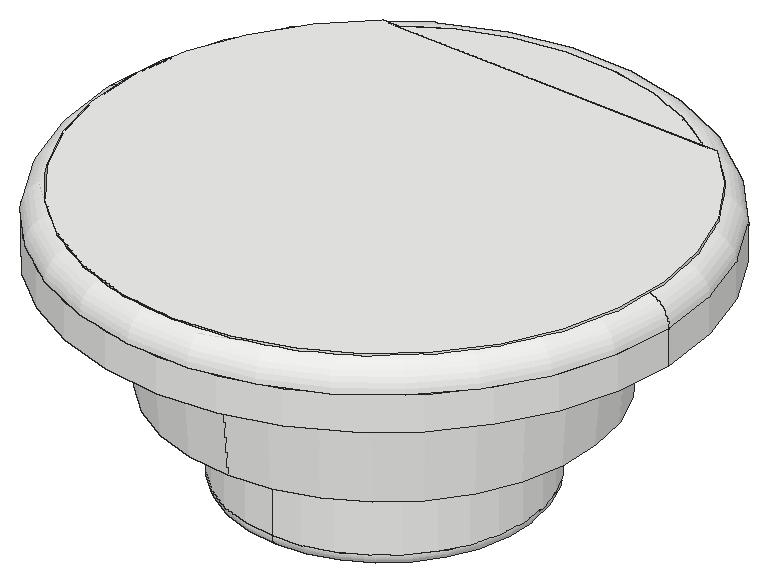
Revit family "Electronics_Commercial-Loudspeakers_Two-Way-Marine-Speaker_CMAR5-W", category Communication Devices, host Face, Revit 2020
Family settings
  Host = Face
  Maintain Annotation Orientation = No
  Round Connector Dimension = Use Diameter
  Part Type = Normal
  OmniClass Number = 23.85.10.11.14.14.14
  OmniClass Title = Loudspeakers
  Cut with Voids When Loaded = No
  Shared = No
  Room Calculation Point = No
Parameters (values of type "CMAR5-W")
  Grill Material = Biamp - Plastic - White(Grid)
  Frequency response in Hz = "85 - 20K"  # constant formula
  Woofer size in inch = "5.25"  # constant formula
  Vertical dispersion angle 1000 Hz = "180°"  # constant formula
  Tweeter size in inch = "1 - up"  # constant formula
  SPL 1W/1m in dB = "88"  # constant formula
  Max SPL 1m in dB = "100"  # constant formula
  Woofer cone material = "Polypropylene"  # constant formula
  Weight = 1.32277 lbf  # constant formula
  URL = "https://www.biamp.com/"
  Product data url = "https://bimobject.com/biamp/product/cmar5-w_commercial-loudspeakers-ceiling"
  Product Page URL = "https://www.biamp.com/products/product-families/commercial-loudspeakers/ceiling-loudspeakers#cmar5-w"
  Product Documentation Link = "https://downloads.biamp.com/assets/docs/default-source/data-sheets/biamp_data_sheet_cmar5-w_aug20.pdf"
  Mounting system = "4 screws"  # constant formula
  Model = "CMAR5-W"  # constant formula
  Manufacturer = "Biamp"  # constant formula
  Main construction material = "ABS plastic"  # constant formula
  Low impedance dynamic power in watts = "50"  # constant formula
  Low impedance RMS power in watts = "25"  # constant formula
  Loudspeaker system = "2-way"  # constant formula
  Installation grip range in mm = "1 - up"  # constant formula
  Impedance in ohms = "8"  # constant formula
  IP rating = "65"  # constant formula
  Housing Material = Biamp - Plastic - White
  Grille main material = "Stainless steel"  # constant formula
  Diameter = 0' - 5.98425"  # constant formula
  Description = "CMAR5-W 5 Two-Way Built-in Marine Speaker 8 ohms/50W"  # constant formula
  Depth = 0' - 2.16535"  # constant formula
  Default Elevation = 4' - 0"
  Cutout in mm = "113"  # constant formula
  Connector Description = "Terminal strip; Low impedance 8 ohms/50W"  # constant formula
  Colour = "White"  # constant formula
  Closest RAL colour (subject to deviations) = "RAL9003"  # constant formula
  Applicable low impedance = "Yes"  # constant formula
Reference planes (in)
  plane 1 "Center (Front/Back)": y = 0
  plane 2: z = 0
  plane 3 "Center (Left/Right)": x = 0
Forms (in)
  Extrusion 1, solid, material "Biamp - Plastic - White" <- "Housing Material", detail levels coarse
    sketch origin (0, 0, 0) x (1, 0, 0) y (0, 1, 0)
      loop
        circle (0, 0) r 2.16535
    from -2.12598 to 0
  Extrusion 2, void
    sketch origin (0, 0, 0) x (1, 0, 0) y (0, 1, 0)
      loop
        circle (0, 0) r 2.16535
    from -2.12598 to 0
  Revolve 3, solid, material "Biamp - Plastic - White" <- "Housing Material", detail levels coarse
    sketch origin (0, 0, 0) x (1, 0, 0) y (0, 0, 1)
      loop
        line (0, 0) -> (0, 0.62992) -> (-2.71054, 0.62992)
        arc (-2.71054, 0.62992) -> (-2.90965, 0.54745) -> (-2.99213, 0.34834) r 0.28159
        line (-2.99213, 0.34834) -> (-2.99213, 0) -> (0, 0)
      axis (0, 0) -> (0, 0.62992)
    angle from 0 to 360
  Revolve 4, solid, material "Biamp - Plastic - White" <- "Housing Material", detail levels medium+fine
    sketch origin (0, 0, 0) x (1, 0, 0) y (0, 0, 1)
      loop
        line (0, 0) -> (0, 0.62992) -> (-2.71054, 0.62992)
        arc (-2.71054, 0.62992) -> (-2.90965, 0.54745) -> (-2.99213, 0.34834) r 0.28159
        line (-2.99213, 0.34834) -> (-2.99213, 0) -> (0, 0)
      axis (0, 0) -> (0, 0.62992)
    angle from 0 to 360
  Extrusion 5, void
    sketch origin (0, 0, 0) x (1, 0, 0) y (0, 1, 0)
      loop
        arc (-1.75492, 2.17573) -> (0, -2.79528) -> (1.75492, 2.17573) r 2.79528
        line (1.75492, 2.17573) -> (-1.75492, 2.17573)
    from 0.56493 to 0.62992
  Extrusion 6, solid, material "Biamp - Plastic - White(Grid)" <- "Grill Material", detail levels medium+fine
    sketch origin (0, 0, 0) x (1, 0, 0) y (0, 1, 0)
      loop
        line (1.75492, 2.17573) -> (-1.75492, 2.17573)
        arc (-1.75492, 2.17573) -> (0, -2.79528) -> (1.75492, 2.17573) r 2.79528
    from 0.56493 to 0.62992
  Revolve 7, solid, material "Biamp - Plastic - White" <- "Housing Material", detail levels medium+fine
    sketch origin (0, 0, 0) x (0, 1, 0) y (0, 0, 1)
      loop
        line (0, 0) -> (-2.16535, 0) -> (-2.06241, -1.17661) -> (-1.47186, -1.17661) -> (-1.47186, -2.0117)
        arc (-1.47186, -2.0117) -> (-1.43839, -2.09251) -> (-1.35758, -2.12598) r 0.11428
        line (-1.35758, -2.12598) -> (0, -2.12598) -> (0, 0)
      axis (0, 0) -> (0, -2.12598)
    angle from 0 to 360
  Extrusion 8, void
    sketch origin (0, 0.24606, 0) x (1, 0, 0) y (0, 1, 0)
      loop
        circle (0, -0.93002) r 0.59055
    from -2.26225 to -2.02997
Cuts and joins
  Extrusion 5, Extrusion 8 cuts Extrusion 1
  Extrusion 5, Extrusion 8 cuts Revolve 4
  Extrusion 8 cuts Revolve 3
  Extrusion 8 cuts Extrusion 6
  Extrusion 8 cuts Revolve 7
Lines and regions (in)
  Masking region 1
    outline origin (0, 0, 0) x (1, 0, 0) y (0, 1, 0)
      loop
        circle (0, 0) r 2.99213
  Masking region 2
    outline origin (0, 0, 0) x (1, 0, 0) y (0, 1, 0)
      loop
        arc (-1.75492, 2.17573) -> (0, -2.79528) -> (1.75492, 2.17573) r 2.79528
        line (1.75492, 2.17573) -> (-1.75492, 2.17573)
  Masking region 3
    outline origin (0, 0, 0) x (1, 0, 0) y (0, 0, 1)
      loop
        line (-2.16535, 0) -> (-2.16535, -2.12598) -> (2.16535, -2.12598) -> (2.16535, 0) -> (-2.16535, 0)
  Masking region 4
    outline origin (0, 0, 0) x (1, 0, 0) y (0, 0, 1)
      loop
        line (-3.00197, 0) -> (3.00197, 0) -> (3.00197, 0.35011)
        arc (3.00197, 0.35011) -> (2.92001, 0.54797) -> (2.72215, 0.62992) r 0.27982
        line (2.72215, 0.62992) -> (-2.72215, 0.62992)
        arc (-2.72215, 0.62992) -> (-2.92001, 0.54797) -> (-3.00197, 0.35011) r 0.27982
        line (-3.00197, 0.35011) -> (-3.00197, 0)
Dimensions and locks (in)
  aligned and locked: plane 2 to host face
  aligned and locked: level to host face
Connectors (in)
  electrical at (0, -0.68396, -2.02997), driven by "Connector Description"
    settings: on cut or joined group of Extrusion 1, Extrusion 5, Extrusion 8, index 1, voltage 0 V, apparent load 0 VA, apparent load phase1 0 VA, apparent load phase2 0 VA, apparent load phase3 0 VA, power factor 1, load classification "Other", number of poles 1, system type 5, power factor state 1, is connector primary yes, connector utility no, sub classification motor no, connector description "Terminal strip; Low impedance 8 ohms/50W"
